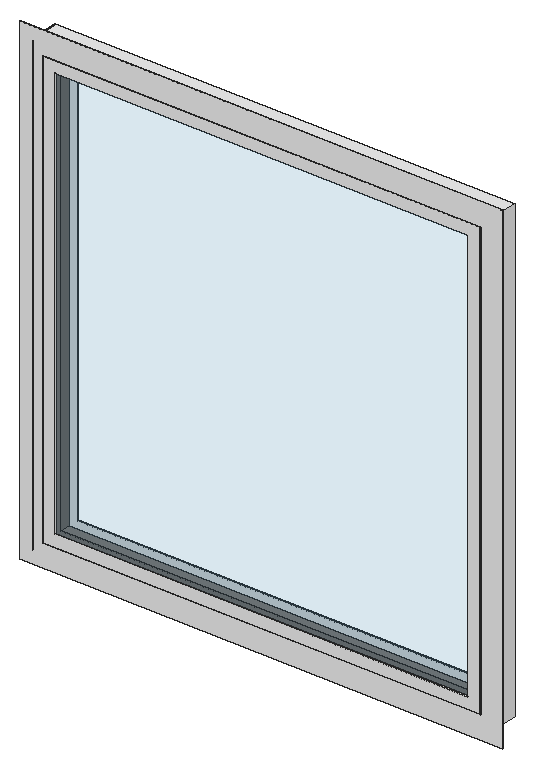
Revit family "Casement_38_G_Top_Hung_Custom", category Windows, host Wall, Revit 2014
Parameters (values of type "Casement_Sash_DG")
  Width Sash [instance] = 30 mm
  Width Sash Inner = 15 mm
  Width Bead = 15 mm
  Top Hung [instance] = yes
  Side Hung Right [instance] = yes
  Side Hung Left [instance] = yes
  Sash Opening Width [instance] = 600 mm
  Sash Opening Height [instance] = 600.312 mm
  Sash Lip = 15 mm
  Glazing Material [instance] = Glass
  DG Start Piece 2 [instance] = DG End Piece 1 + DG Gasket Thickness  # 25 mm
  DG Start Peice 1 [instance] = (Depth Sash - (2 * DG Glazing Thickness) - DG Gasket Thickness) / 2  # 6.6 mm
  Glazing Offset = 5 mm
  DG Glazing Thickness [instance] = 6.4 mm
  DG Gasket Thickness = 12 mm  # constant formula
  DG Gasket Material [instance] = Double Glazing Gasket Material
  DG End Piece 2 [instance] = DG Start Piece 2 + DG Glazing Thickness  # 31.4 mm
  DG End Piece 1 [instance] = DG Start Peice 1 + DG Glazing Thickness  # 13 mm
  Depth Sash [instance] = 38 mm
  Center Vertical Sash [instance] = Sash Opening Height / 2  # 300.156 mm
  Center Horizontal Sash [instance] = Sash Opening Width / 2  # 300 mm
  Bottom Hung [instance] = yes
  Bead Offset = 15 mm
  Aluminium Thickness = 1 mm
  Aluminium Material [instance] = White Powder Coated Aluminium
Reference planes
  plane 1 "Center (Front/Back)": y = 0
  plane 2: z = 0
  plane 3 "Center (Left/Right)": x = 0
Forms (mm)
  Sweep 1, solid, material "White Powder Coated Aluminium" <- "Aluminium Material"
    path origin (16.177, 0, 121.331) x (1, 0, 0) y (0, 0, 1)
      loop
        line (0, 0) -> (600, 0) -> (600, 600.312) -> (0, 600.312) -> (0, 0)
    profile origin (316.177, 0, 121.331) x (0, 0, 1) y (0, -1, 0)
      loop
        line (0, 0) -> (30, 0) -> (30, 1) -> (15, 1) -> (15, 38) -> (-15, 38) -> (-15, 37) -> (0, 37) -> (0, 0)
      loop
        line (14, 1) -> (14, 37) -> (1, 37) -> (1, 1) -> (14, 1)
  Sweep 2, solid, material "White Powder Coated Aluminium" <- "Aluminium Material"
    path origin (0, 0, 0) x (1, 0, 0) y (0, 0, 1)
      loop
        line (31.177, 706.643) -> (31.177, 136.331) -> (601.177, 136.331) -> (601.177, 706.643) -> (31.177, 706.643)
    profile origin (316.177, 0, 706.643) x (0, 0, 1) y (0, -1, 0)
      loop
        line (0, 37) -> (0, 38) -> (-15, 38) -> (-15, 37) -> (0, 37)
  Extrusion 3, solid, material "Glass" <- "Glazing Material"
    sketch origin (0, 0, 0) x (1, 0, 0) y (0, 0, 1)
      loop
        line (36.177, 701.643) -> (36.177, 141.331) -> (596.177, 141.331) -> (596.177, 701.643) -> (36.177, 701.643)
    from 6.6 <- "DG Start Peice 1" to 13 <- "DG End Piece 1"
  Extrusion 4, solid, material "Glass" <- "Glazing Material"
    sketch origin (0, 0, 0) x (1, 0, 0) y (0, 0, 1)
      loop
        line (36.177, 701.643) -> (36.177, 141.331) -> (596.177, 141.331) -> (596.177, 701.643) -> (36.177, 701.643)
    from 31.4 <- "DG End Piece 2" to 25 <- "DG Start Piece 2"
  Sweep 5, solid, material "Double Glazing Gasket Material" <- "DG Gasket Material"
    path origin (0, -13, 0) x (1, 0, 0) y (0, 0, 1)
      loop
        line (36.177, 701.643) -> (36.177, 141.331) -> (596.177, 141.331) -> (596.177, 701.643) -> (36.177, 701.643)
    profile origin (316.177, -13, 701.643) x (0, 0, 1) y (0, -1, 0)
      loop
        line (0, 0) -> (0, 12) -> (-7.96, 12) -> (-7.96, 0) -> (0, 0)
Lines and regions (mm)
  model lines
    curve 1: line (1.177, -38, 736.643) -> (31.177, -38, 706.643)
    curve 2: line (601.177, -38, 706.643) -> (631.177, -38, 736.643)
    curve 3: line (601.177, -38, 136.331) -> (631.177, -38, 106.331)
    curve 4: line (1.177, -38, 106.331) -> (31.177, -38, 136.331)
    curve 5: line (631.177, -37, 736.643) -> (616.177, -37, 721.643)
    curve 6: line (1.177, -37, 736.643) -> (16.177, -37, 721.643)
    curve 7: line (1.177, -37, 106.331) -> (16.177, -37, 121.331)
    curve 8: line (631.177, -37, 106.331) -> (616.177, -37, 121.331)
    curve 9: line (616.177, 0, 121.331) -> (586.177, 0, 151.331)
    curve 10: line (46.177, 0, 151.331) -> (16.177, 0, 121.331)
    curve 11: line (616.177, 0, 721.643) -> (586.177, 0, 691.643)
    curve 12: line (46.177, 0, 691.643) -> (16.177, 0, 721.643)
    curve 13: line (31.177, -38, 691.643) -> (46.177, -38, 691.643)
    curve 14: line (586.177, -38, 691.643) -> (601.177, -38, 691.643)
    curve 15: line (586.177, -38, 151.331) -> (601.177, -38, 151.331)
    curve 16: line (31.177, -38, 151.331) -> (46.177, -38, 151.331)
  model lines, style "GenericModelHiddenLines", visible <- "Top Hung"
    curve 17: line (46.386, -31.4, 690.914) -> (316.177, -31.4, 151.331)
    curve 18: line (316.177, -31.4, 151.331) -> (586.177, -31.4, 691.331)
  model lines, style "GenericModelHiddenLines", visible <- "Bottom Hung"
    curve 19: line (46.177, -31.4, 151.331) -> (316.177, -31.4, 691.331)
    curve 20: line (316.177, -31.4, 691.331) -> (586.177, -31.4, 151.331)
  model lines, style "GenericModelHiddenLines", visible <- "Side Hung Left"
    curve 21: line (46.386, -31.4, 690.914) -> (585.24, -31.4, 421.487)
    curve 22: line (585.24, -31.4, 421.487) -> (46.177, -31.4, 151.331)
  model lines, style "GenericModelHiddenLines", visible <- "Side Hung Right"
    curve 23: line (586.177, -31.4, 691.331) -> (46.177, -31.4, 421.487)
    curve 24: line (46.177, -31.4, 421.487) -> (586.177, -31.4, 151.331)
Dimensions and locks
  "Aluminium Thickness": Sweep 1 sketch curve to Sweep 1 sketch curve  (x4)
  "Depth Sash": Sweep 1 sketch curve to Sweep 1 sketch curve
  "Sash Opening Width": Sweep 1 to Sweep 1
  "Sash Opening Height": Sweep 1 to Sweep 1
  "Width Sash": Sweep 1 sketch curve to Sweep 1 sketch curve  (x2)
  "Width Sash Inner": Sweep 1 sketch curve to Sweep 1 sketch curve
  "Sash Lip": Sweep 1 sketch curve to Sweep 1 sketch curve
  "Aluminium Thickness": Sweep 1 to Sweep 2 sketch curve
  "Glazing Offset": Sweep 2 to Extrusion 3 sketch curve  (x3)
  "Glazing Offset": Extrusion 3 sketch curve to Sweep 2
  Sweep 1 to Sweep 1 = 1 mm
  "Aluminium Thickness": Sweep 2 sketch curve to Sweep 2 sketch curve
  "Width Bead": Sweep 2 sketch curve to Sweep 2 sketch curve
  locked: Sweep 5 sketch curve to Sweep 5 sketch curve at 7.96
  "Center Horizontal Sash": Sweep 1 to curve 18
  "Center Horizontal Sash": Sweep 1 to curve 20
  "Center Vertical Sash": Sweep 1 to curve 22
  "Center Vertical Sash": Sweep 1 to curve 24
  aligned and locked: level to plane 2
  aligned and locked: Sweep 1 sketch curve to Sweep 1 sketch curve  (x2)
  aligned and locked: Sweep 2 sketch curve to Sweep 1  (x5)
  aligned and locked: Extrusion 4 sketch curve to Extrusion 3  (x4)
  aligned and locked: Sweep 5 sketch curve to Extrusion 3  (x5)
  aligned and locked: Extrusion 3 to Sweep 5 sketch curve
Automatic sketch dimensions
  plane 3 "Center (Left/Right)" to Sweep 1 sketch curve = 16.177 mm
  level to Sweep 1 sketch curve = 121.331 mm
  plane 3 "Center (Left/Right)" to Sweep 1 sketch curve = 616.177 mm
  level to Sweep 1 sketch curve = 721.643 mm
  profile plane to Sweep 5 sketch curve = 12 mm
  curve 7 to Sweep 1 = 0 mm  (x4)
  curve 6 to Sweep 1 = 0 mm  (x3)
  Sweep 1 to curve 6 = 0 mm
  curve 5 to Sweep 1 = 0 mm  (x3)
  curve 8 to Sweep 1 = 0 mm  (x4)
  Sweep 1 to curve 5 = 0 mm
  curve 16 to Sweep 2 = 0 mm  (x3)
  curve 13 to Sweep 2 = 0 mm  (x3)
  curve 15 to Sweep 2 = 0 mm
  Sweep 2 to curve 15 = 0 mm  (x2)
  curve 14 to Sweep 2 = 0 mm  (x2)
  Sweep 2 to curve 14 = 0 mm
  curve 1 to Sweep 1 = 0 mm  (x4)
  curve 4 to Sweep 1 = 0 mm  (x3)
  Sweep 1 to curve 4 = 0 mm
  curve 3 to Sweep 1 = 0 mm  (x3)
  curve 2 to Sweep 1 = 0 mm  (x4)
  Sweep 1 to curve 3 = 0 mm
  curve 10 to Sweep 1 = 0 mm  (x4)
  curve 12 to Sweep 1 = 0 mm  (x3)
  Sweep 1 to curve 12 = 0 mm
  curve 9 to Sweep 1 = 0 mm  (x4)
  curve 11 to Sweep 1 = 0 mm  (x3)
  Sweep 1 to curve 11 = 0 mm
  Sweep 1 sketch curve to plane 1 "Center (Front/Back)" = 0 mm
  profile plane to Sweep 1 sketch curve = 0 mm
  curve 21 to Extrusion 4 = 10.208 mm
  curve 19 to Extrusion 4 = 10 mm
  curve 23 to Extrusion 4 = 10 mm  (x2)
  curve 22 to Extrusion 4 = 10.937 mm
  curve 20 to Extrusion 4 = 10 mm
  curve 24 to Extrusion 4 = 10 mm
  curve 22 to Extrusion 4 = 10 mm
  curve 18 to Extrusion 4 = 10 mm
  curve 21 to Extrusion 4 = 10.729 mm
  curve 19 to Extrusion 4 = 10.312 mm
  curve 18 to Extrusion 4 = 10.312 mm
